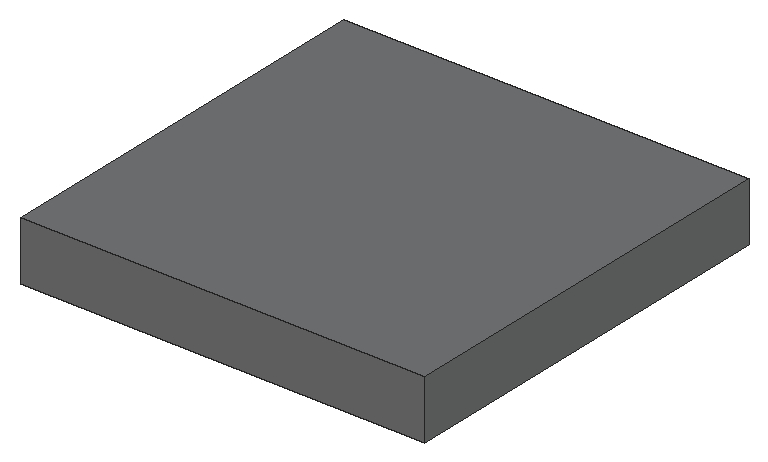
Revit family "Gira_029401", category Electrical Fixtures, host Face, Revit 2017
Family settings
  Host = Face
  Maintain Annotation Orientation = No
  Round Connector Dimension = Use Diameter
  Part Type = Normal
  Cut with Voids When Loaded = No
  Shared = No
  Room Calculation Point = No
Parameters (values of type "Rocker 2-g arrow sym. System 55 cr.white")
  With exchangeable lens/symbol = "No"
  URL = "http://katalog.gira.de/en/datenblatt.html?artikelnr=029401"
  Suitable for touch sensor connector for bus system = "No"
  Scannable symbol / barrier free = "No"
  Name = "Rocker 2-g arrow sym. System 55 cr.white"
  Monitoring window/light outlet = "No"
  Model = "Two-part rocker"
  Manufacturer URL = "https://www.gira.de/"
  Manufacturer = "Gira"
  Keynote = ""
  HeinzeBIM = "https://bimportal.heinze.de/bim/rocker-2-g-arrow-sym-system-55-cr-white/0500fd57851c521d176811a8b110eba78440003b"
  HAN = "029401"
  GTIN = "4010337294016"
  Description = "Rock.2g arrow sym. Sys55 CW,Rocker, 2-gang with arrow symbol,,cream white glossy,"
  Default Elevation = 1219.2 mm
  Data sheet (1) = "https://katalog.gira.de/en/download.html?artikelnr=029401"
  Category = "Control element/cover plate for domestic switching devices"
  BIM (1) = "https://media.stage.bim.site/public/gira/36a6b08/Sys55_Abdeckung_Schalten und Tasten.rfa?public/gira/36a6b08/Sys55_Abdeckung_Schalten und Tasten.rfa"
  Available = "No"
  Anthrazit [instance] = Anthrazit
Reference planes
  plane 1 "Center (Front/Back)": y = 0
  plane 2: z = 0
  plane 3 "Center (Left/Right)": x = 0
Forms (mm)
  Extrusion 1, solid, material "Anthrazit" <- "Anthrazit", detail levels fine
    sketch origin (0, 0, 0) x (1, 0, 0) y (0, 1, 0)
      loop
        line (-27.5, 27.5) -> (-27.5, -27.5) -> (27.5, -27.5) -> (27.5, 27.5) -> (-27.5, 27.5)
    from 0 to 8
  Extrusion 2, void
    sketch origin (0, 0, 0) x (1, 0, 0) y (0, 1, 0)
      loop
        line (26, 26) -> (-26, 26) -> (-26, -26) -> (26, -26) -> (26, 26)
    from 0 to 6
  Extrusion 3, solid, material "Anthrazit" <- "Anthrazit", detail levels medium
    sketch origin (0, 0, 0) x (1, 0, 0) y (0, 1, 0)
      loop
        line (-27.5, 27.5) -> (-27.5, -27.5) -> (27.5, -27.5) -> (27.5, 27.5) -> (-27.5, 27.5)
    from 0 to 8
  Extrusion 4, solid, material "Anthrazit" <- "Anthrazit", detail levels medium
    sketch origin (0, 0, 0) x (1, 0, 0) y (0, 1, 0)
      loop
        line (11, -17.5) -> (11, 17.5) -> (-11, 17.5) -> (-11, -17.5) -> (11, -17.5)
    from -6 to 6
  Extrusion 5, solid, material "Anthrazit" <- "Anthrazit", detail levels fine
    sketch origin (0, 0, 0) x (1, 0, 0) y (0, 1, 0)
      loop
        line (11, 17.5) -> (-11, 17.5) -> (-11, 16.5) -> (11, 16.5) -> (11, 17.5)
      loop
        line (-11, -16.5) -> (-11, -17.5) -> (11, -17.5) -> (11, -16.5) -> (-11, -16.5)
    from -4 to 6
  Extrusion 6, solid, material "Anthrazit" <- "Anthrazit", detail levels fine
    sketch origin (0, 0, 0) x (1, 0, 0) y (0, 1, 0)
      loop
        arc (5, 9.347) -> (0, 10.6) -> (-5, 9.347) r 10.6
        line (-5, 9.347) -> (-5, -9.347)
        arc (-5, -9.347) -> (0, -10.6) -> (5, -9.347) r 10.6
        line (5, -9.347) -> (5, 9.347)
    from -6 to 6
  Extrusion 7, solid, material "Anthrazit" <- "Anthrazit", detail levels coarse
    sketch origin (0, 0, 0) x (1, 0, 0) y (0, 1, 0)
      loop
        line (-27.5, 27.5) -> (-27.5, -27.5) -> (27.5, -27.5) -> (27.5, 27.5) -> (-27.5, 27.5)
    from -6 to 8
Cuts and joins
  Extrusion 2 cuts Extrusion 1
Dimensions and locks
  aligned and locked: plane 2 to host face
  aligned and locked: level to host face
